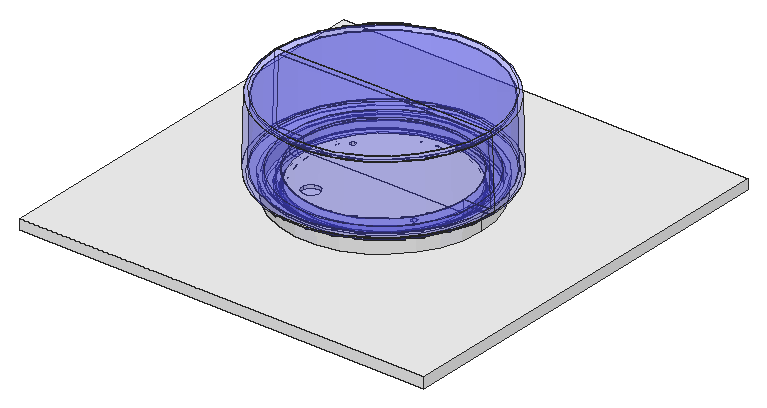
Revit family "BE_12150_de_DE", category Leuchten, Revit 2020
Family settings
  Basisbauteil = Fläche
  Bemaßung runder Anschluss = Durchmesser verwenden
  Teiletyp = Normal
  Beim Laden mit Abzugskörper schneiden = Ja
  Lichtquelle = Ja
  Gemeinsam genutzt = Nein
  Raumberechnungspunkt = Ja
Parameters (values of type "BEGA_12150_K3")
  built-in parameter 1150104 = 15.302 (stored number, unit not read)
  Wattage = 6.8 W
  Default Elevation = 0 mm
  built-in parameter 1150113 = 1 (stored number, unit not read)
  built-in parameter 1114218 = 1 (stored number, unit not read)
  Umgebungstemperatur = "25 °C"
  URL = "http://www.bega.de/de/produkt/12150"
  Typenkommentare = "© 2022 BEGA. Wir behalten uns das Recht vor, technische Änderungen ohne vorherige Ankündigung vorzunehmen."  # constant formula
  built-in parameter 1150134 = 12
  built-in parameter 1150109 = 1 (stored number, unit not read)
  Strom = ""
  built-in parameter 1150110 = 1 (stored number, unit not read)
  Spannung = 239.996 V
  Sonderanfertigung = no
  Seriennummer [instance] = "Hier können Sie die eindeutige Seriennummer für das Facility Management eintragen."
  Schutzklasse = "I"
  Schutzart = "IP 44"
  Scheinlast = 0 VA
  Produktdatenblatt = "http://www.bega.de/download/Xrfa/db/12150.db.de.pdf"
  Oberflächentemperatur = ""
  Neigungswinkel = 0.00°
  Model = "12150K4"
  Material_17 = BEGA_Reflektor
  Material_15 = BEGA_Leuchtmedium_matt
  Material_11 = BEGA_Glas_opal
  Material_09 = BEGA_Glas_klar
  Material_06 = BEGA_Oberfläche_Edelstahl_gebürstet
  Material_05 = BEGA_Oberfläche_Aluminium Guss
  Material_03 = BEGA_Oberfläche_Weiss_matt
  Material_02 = BEGA_Oberfläche_Silber_matt
  Material_01 [instance] = BEGA_Oberfläche_Grafit_matt
  M_W = no
  M_G = no
  M_A = no
  Logo = 0
  built-in parameter 1114217 = 1 (stored number, unit not read)
  built-in parameter 1150139 = (empty or 0)
  built-in parameter 1150105 = 233.27 (stored number, unit not read)
  built-in parameter 1150114 = 1 (stored number, unit not read)
  Lumens = 1120.03 lm
  built-in parameter 1150115 = 1 (stored number, unit not read)
  Leuchtenlichtstrom = "888 lm"
  Leuchtenanzahl = ""
  Lebensdauerkriterien = "L70B50 @ 25 °C = 500000 h"
  Lastklassifizierung = Beleuchtung
  built-in parameter 1150112 = 1 (stored number, unit not read)
  Lampenlichtstrom = "1170 lm"
  Lampe = "LED 6.7 W"
  LED_Modulbezeichnung = "LED-0521/940"
  Hersteller = "BEGA"  # constant formula
  Halbstreuwinkel = ""
  Gewicht = "1.4 kg"
  Gebrauchslageneinschränkung [instance] = ""
  Frequenz = "50-60 Hz"
  Farbwiedergabeindex = "CRI > 90"
  Farbtemperaturverschiebung bei Dämpfen der Lampe = <Keine Auswahl>
  Farbtemperatur = "4000 K"
  Color Filter = 16777215
  built-in parameter 1150133 = 10 (stored number, unit not read)
  Energieeffizienzklasse = "LED A++ - A"
  built-in parameter 1150137 = (empty or 0)
  built-in parameter 1150132 = (empty or 0)
  ENEC = ""
  Dimmbar [instance] = ""
  Photometric Web File = "BE_12150K4.IES"
  CE_Konformität = "ja"
  Bestellnummer = "12150K4"
  Beschreibung_Sonderanfertigung = "Hier können Sie Informationen zur Sonderanfertigung eintragen."
  Beschreibung = "Decken- und Wandleuchte"
  built-in parameter 1150106 = 2.3327 (stored number, unit not read)
  Befestigungsbohrung = "Ø 5,5 mm"
  Befestigungsabstand = "130 mm"
  Ballwurfsicher = ""
  BEGA_Intern_aus = yes
  BEGA_Intern_an = yes
  BEGA_Intern_Konstruktion = yes
  BEGA_Intern = yes
  BEGA_IES = yes
  BEGA_Dummy = no
  Anschlussleitung = ""
  Anschlussleistung [instance] = "8.4 W"
  Anschlusskasten = ""
  built-in parameter 1150107 = 4000 (stored number, unit not read)
  built-in parameter 1150102 = (empty or 0)
  built-in parameter 1150138 = (empty or 0)
  Aktualisierung = "2019-07-05T04:00:16"
  Abstand_zur_angestrahlten_Fläche [instance] = ""
  AC/DC = "AC"
Types (2, lengths in mm): name | built-in parameter 1150104 | built-in parameter 1150134 | Model | built-in parameter 1150105 | Lumens | Leuchtenlichtstrom | Lampenlichtstrom | LED_Modulbezeichnung | Farbtemperatur | Photometric Web File | Bestellnummer | built-in parameter 1150106 | built-in parameter 1150107
  BEGA_12150_K3 | 14.824 (stored number, unit not read) | (empty or 0) | "12150K3" | 86.342 (stored number, unit not read) | 1085.01 lm | "839 lm" | "1105 lm" | "LED-0521/930" | "3000 K" | "BE_12150K3.IES" | "12150K3" | 0.86342 (stored number, unit not read) | 3000 (stored number, unit not read)
  BEGA_12150_K27 | 15.302 (stored number, unit not read) | 12 | "12150K27" | 233.27 (stored number, unit not read) | 1120.03 lm | "827 lm" | "1090 lm" | "LED-0521/927" | "2700 K" | "BE_12150K27.IES" | "12150K27" | 2.3327 (stored number, unit not read) | 4000 (stored number, unit not read)
Reference planes
  plane 1 "Mitte (Vorne/Hinten)": y = 0
  plane 2: z = 0
  plane 3 "Mitte (Links/Rechts)": x = 0
  plane 4 "Links": x = -109.91
  plane 5 "Rechts": x = 109.91
  plane 6 "Unten": y = -109.9
  plane 7 "Oben": y = 109.9
  plane 8 "Vorne": z = 97.54
  plane 9 "Hinten": z = 0
Forms (mm)
  Extrusion 1, solid, material "BEGA_Platte_Weiss"
    sketch origin (0, -1119.2, 0) x (1, 0, 0) y (0, 1, 0)
      loop
        line (-200, 1319.2) -> (-200, 919.2) -> (200, 919.2) -> (200, 1319.2) -> (-200, 1319.2)
    from 0 to -10
  Extrusion 2, solid, material "BEGA_Dummy_matt", visible <- "BEGA_Dummy"
    sketch origin (77.149, -76.023, 0) x (1, 0, 0) y (0, 1, 0)
      loop
        circle (-77.149, 76.023) r 110
    from 0 to 97.54
Dimensions and locks
  plane 1 "Mitte (Vorne/Hinten)" to Extrusion 1 = 200 mm
  aligned and locked: plane 2 to Extrusion 1
  aligned and locked: level to Extrusion 1
Nested families
  nested 1: "BE_12150" at (0, 0, 0), type "BE_12150"
Connectors
  electrical at (0, 0, 0), driven by "Lastklassifizierung", driven by "Spannung", driven by "Scheinlast"
    settings: index 1, voltage 239.996 V, apparent load 0 VA, apparent load phase1 0 VA, apparent load phase2 0 VA, apparent load phase3 0 VA, power factor 1, load classification "Beleuchtung", number of poles 1, system type 31, power factor state 1, is connector primary yes, connector utility no, sub classification motor no, connector description ""
Definition of nested family "BE_12150"
  Parameters (values of type "BE_12150")
    Default Elevation = 1 mm
    URL = "http://www.bega.de/de/produkt"
    Type Comments = "© 2015 BEGA. Wir behalten uns das Recht vor, technische Änderungen ohne vorherige Ankündigung vorzunehmen. "  # constant formula
    Type Image = (empty or 0)
    Neigungswinkel_um_Z2 = 0.00°
    Neigungswinkel_um_Z1 = 0.00°
    Neigungswinkel_um_Y2 = 0.00°
    Neigungswinkel_um_Y1 = 0.00°
    Neigungswinkel_um_X2 = 0.00°
    Neigungswinkel_um_X1 = 0.00°
    Material_17 = none
    Material_15 = none
    Material_11 = none
    Material_09 = none
    Material_06 = none
    Material_05 = none
    Material_03 = none
    Material_02 = none
    Material_01 = none
    M_W = yes
    M_G = yes
    M_A = yes
    Länge_Platte = 350 mm  # constant formula
    Höhe_Platte = -10 mm  # constant formula
    Manufacturer = "BEGA"  # constant formula
    Drehwinkel_um_Z2 = 0.00°
    Drehwinkel_um_Z1 = 0.00°
    Breite_Platte = 350 mm  # constant formula
  Reference planes
    plane 1 "Mitte (Oben/Unten)": y = 0
    plane 2: z = 0
    plane 3 "Mitte (Links/Rechts)": x = 0
    plane 4: x = -109.91
    plane 5: z = 97.54
    plane 6: x = 109.91
    plane 7: y = -109.9
    plane 8: y = 109.9
  Forms (mm)
    Extrusion 1, solid, detail levels medium
      sketch origin (0, 0, 0) x (1, 0, 0) y (0, 1, 0)
        loop
          line (-175, 175) -> (-175, -175) -> (175, -175) -> (175, 175) -> (-175, 175)
      from 0 to -10 <- "Höhe_Platte"
    Revolve 2, solid, material <- "Material_03", detail levels medium+fine
      sketch origin (0, 0, 0) x (1, 0, 0) y (0, 0, 1)
        loop
          line (-98.25, 22.5) -> (-98.25, 20.5) -> (-97.082, 20.5) -> (-96.54, 5) -> (-78.827, 5)
          arc (-78.827, 5) -> (-76.742, 5.843) -> (-75.829, 7.899) r 3
          line (-75.829, 7.899) -> (-75.787, 9.101)
          arc (-75.787, 9.101) -> (-74.874, 11.157) -> (-72.789, 12) r 3
          line (-72.789, 12) -> (0, 12) -> (0, 14.5) -> (-78, 14.5) -> (-78.194, 8.947)
          arc (-78.194, 8.947) -> (-78.651, 7.921) -> (-79.693, 7.5) r 1.5
          line (-79.693, 7.5) -> (-92.778, 7.5)
          arc (-92.778, 7.5) -> (-93.82, 7.922) -> (-94.277, 8.95) r 1.5
          line (-94.277, 8.95) -> (-94.75, 22.5) -> (-98.25, 22.5)
        axis (0, 5) -> (0, 22.5)
      angle from 0 to 360
    Revolve 3, solid, material <- "Material_03", detail levels medium+fine
      sketch origin (0, 85, 0) x (-1, 0, 0) y (0, 0, 1)
        loop
          line (-2.811, 4.164) -> (-2.468, 2.099)
          arc (-2.468, 2.099) -> (-1.62, 0.596) -> (0, 0) r 2.5
          line (0, 0) -> (0, 6.055) -> (-3.797, 6.055) -> (-3.797, 5)
          arc (-3.797, 5) -> (-3.151, 4.763) -> (-2.811, 4.164) r 1
        axis (0, 6.055) -> (0, 0)
      angle from 0 to 360
    Revolve 4, solid, material <- "Material_03", detail levels medium+fine
      sketch origin (73.612, -42.5, 0) x (0.5, 0.866025, 0) y (0, 0, 1)
        loop
          line (-2.811, 4.164) -> (-2.468, 2.099)
          arc (-2.468, 2.099) -> (-1.62, 0.596) -> (0, 0) r 2.5
          line (0, 0) -> (0, 6.055) -> (-3.797, 6.055) -> (-3.797, 5)
          arc (-3.797, 5) -> (-3.151, 4.763) -> (-2.811, 4.164) r 1
        axis (0, 6.055) -> (0, 0)
      angle from 0 to 360
    Revolve 5, solid, material <- "Material_03", detail levels medium+fine
      sketch origin (-73.612, -42.5, 0) x (0.5, -0.866025, 0) y (0, 0, 1)
        loop
          line (-2.811, 4.164) -> (-2.468, 2.099)
          arc (-2.468, 2.099) -> (-1.62, 0.596) -> (0, 0) r 2.5
          line (0, 0) -> (0, 6.055) -> (-3.797, 6.055) -> (-3.797, 5)
          arc (-3.797, 5) -> (-3.151, 4.763) -> (-2.811, 4.164) r 1
        axis (0, 6.055) -> (0, 0)
      angle from 0 to 360
    Extrusion 6, void
      sketch origin (0, 0, 0) x (1, 0, 0) y (0, 1, 0)
        loop
          circle (-36, -45) r 8.475
        loop
          circle (-56.292, 32.5) r 2.75
        loop
          circle (56.292, -32.5) r 2.75
      from 3 to 15.824
    Revolve 7, solid, material <- "Material_11", detail levels medium+fine
      sketch origin (0, 0, 0) x (1, 0, 0) y (0, 0, 1)
        loop
          arc (-80, 10.04) -> (-79.293, 10.333) -> (-79, 11.04) r 1
          line (-79, 11.04) -> (-79, 26.04)
          arc (-79, 26.04) -> (-79.293, 26.747) -> (-80, 27.04) r 1
          line (-80, 27.04) -> (-92.436, 27.04) -> (-104.384, 27.381)
          arc (-104.384, 27.381) -> (-105.083, 27.692) -> (-105.358, 28.407) r 1
          line (-105.358, 28.407) -> (-103.726, 90.716)
          arc (-103.726, 90.716) -> (-103.432, 91.393) -> (-102.753, 91.683) r 1
          arc (-102.753, 91.683) -> (-51.381, 92.701) -> (0, 93.04) r 3890.638
          line (0, 93.04) -> (0, 97.54)
          arc (0, 97.54) -> (-52.388, 97.188) -> (-104.767, 96.131) r 3895.139
          arc (-104.767, 96.131) -> (-107.149, 95.106) -> (-108.175, 92.724) r 3.5
          line (-108.175, 92.724) -> (-109.908, 26.543)
          arc (-109.908, 26.543) -> (-108.957, 24.038) -> (-106.512, 22.94) r 3.5
          line (-106.512, 22.94) -> (-92.5, 22.54) -> (-83.5, 22.54) -> (-83.5, 15.54)
          arc (-83.5, 15.54) -> (-83.793, 14.833) -> (-84.5, 14.54) r 1
          arc (-84.5, 14.54) -> (-85.207, 14.247) -> (-85.5, 13.54) r 1
          line (-85.5, 13.54) -> (-85.5, 9.54) -> (-81, 9.54)
          arc (-81, 9.54) -> (-80.634, 9.906) -> (-80.134, 10.04) r 1
        axis (0, 97.54) -> (0, 9.54)
      angle from 0 to 360
  Cuts and joins
    Extrusion 6 cuts Revolve 2
    Extrusion 6 cuts Revolve 3
    Extrusion 6 cuts Revolve 4
    Extrusion 6 cuts Revolve 5
    joined: Revolve 2, Revolve 3, Revolve 4, Revolve 5
  Dimensions and locks
    equal spacing: Extrusion 1 sketch curve, plane 3 "Mitte (Links/Rechts)", Extrusion 1 sketch curve
    equal spacing: Extrusion 1 sketch curve, plane 1 "Mitte (Oben/Unten)", Extrusion 1 sketch curve
    "Länge_Platte": Extrusion 1 sketch curve to Extrusion 1 sketch curve
    "Breite_Platte": Extrusion 1 sketch curve to Extrusion 1 sketch curve
    aligned and locked: plane 2 to Extrusion 1
    aligned and locked: level to Extrusion 1
  Automatic sketch dimensions
    Revolve 2 sketch curve to plane 3 "Mitte (Links/Rechts)" = 0 mm  (x2)
    level to Revolve 2 sketch curve = 9 mm
    Revolve 2 sketch curve to plane 3 "Mitte (Links/Rechts)" = 72.789 mm
    level to Revolve 2 sketch curve = 9.101 mm
    Revolve 2 sketch curve to Revolve 2 sketch curve = 2.998 mm
    level to Revolve 2 sketch curve = 7.899 mm
    Revolve 2 sketch curve to Revolve 2 sketch curve = 0.042 mm
    level to Revolve 2 sketch curve = 14.5 mm
    Revolve 2 sketch curve to Revolve 2 sketch curve = 2.213 mm
    Revolve 2 sketch curve to Revolve 2 sketch curve = 2.407 mm
    Revolve 2 sketch curve to Revolve 2 sketch curve = 0.633 mm
    Revolve 2 sketch curve to Revolve 2 sketch curve = 0.866 mm  (x2)
    Revolve 2 sketch curve to Revolve 2 sketch curve = 13.085 mm
    level to Revolve 2 sketch curve = 8.95 mm
    Revolve 2 sketch curve to Revolve 2 sketch curve = 1.499 mm
    Revolve 2 sketch curve to Revolve 2 sketch curve = 0.473 mm
    Revolve 2 sketch curve to Revolve 2 sketch curve = 2.332 mm
    Revolve 2 sketch curve to Revolve 2 sketch curve = 1.168 mm
    Revolve 2 sketch curve to Revolve 2 sketch curve = 0.947 mm
    Revolve 2 sketch curve to Revolve 2 sketch curve = 1 mm
    Revolve 2 sketch curve to Revolve 2 sketch curve = 0.05 mm
    Revolve 2 sketch curve to Revolve 2 sketch curve = 2.5 mm
    Revolve 2 sketch curve to Revolve 2 sketch curve = 11.55 mm
    Revolve 2 sketch curve to Revolve 2 sketch curve = 2 mm
    Revolve 2 sketch curve to Revolve 2 sketch curve = 0 mm  (x10)
    Revolve 2 sketch curve to Revolve 2 sketch curve = 3.763 mm
    level to Revolve 2 sketch curve = 5 mm
    Revolve 2 sketch curve to Revolve 2 sketch curve = 5.135 mm
    Extrusion 6 sketch curve to plane 3 "Mitte (Links/Rechts)" = 36 mm
    plane 1 "Mitte (Oben/Unten)" to Extrusion 6 sketch curve = 45 mm
    Revolve 7 sketch curve to plane 3 "Mitte (Links/Rechts)" = 0 mm  (x3)
    Revolve 7 sketch curve to Revolve 7 sketch curve = 0.003 mm  (x2)
    level to Revolve 7 sketch curve = 11.04 mm
    Revolve 7 sketch curve to plane 3 "Mitte (Links/Rechts)" = 79 mm
    Revolve 7 sketch curve to Revolve 7 sketch curve = 1 mm  (x7)
    Revolve 7 sketch curve to Revolve 7 sketch curve = 0.134 mm  (x2)
    Revolve 7 sketch curve to Revolve 7 sketch curve = 0.866 mm
    Revolve 7 sketch curve to Revolve 7 sketch curve = 3.5 mm  (x2)
    Revolve 7 sketch curve to Revolve 7 sketch curve = 8.936 mm
    Revolve 7 sketch curve to Revolve 7 sketch curve = 0.064 mm
    Revolve 7 sketch curve to Revolve 7 sketch curve = 10.291 mm
    Revolve 7 sketch curve to Revolve 7 sketch curve = 0.999 mm
    Revolve 7 sketch curve to Revolve 7 sketch curve = 11.923 mm
    level to Revolve 7 sketch curve = 27.381 mm
    Revolve 7 sketch curve to Revolve 7 sketch curve = 0.025 mm
    Revolve 7 sketch curve to Revolve 7 sketch curve = 0.947 mm
    Revolve 7 sketch curve to Revolve 7 sketch curve = 2.026 mm
    level to Revolve 7 sketch curve = 22.94 mm
    Revolve 7 sketch curve to Revolve 7 sketch curve = 0.102 mm
    level to Revolve 7 sketch curve = 26.543 mm
    Revolve 7 sketch curve to Revolve 7 sketch curve = 3.498 mm
    Revolve 7 sketch curve to Revolve 7 sketch curve = 0.5 mm  (x2)
    Revolve 7 sketch curve to level = 3797.598 mm
    Revolve 7 sketch curve to Revolve 7 sketch curve = 0.001 mm
    Revolve 7 sketch curve to Revolve 7 sketch curve = 4 mm
    Revolve 7 sketch curve to Revolve 7 sketch curve = 7 mm
    Revolve 7 sketch curve to Revolve 7 sketch curve = 62.302 mm
    Revolve 7 sketch curve to Revolve 7 sketch curve = 0.033 mm
    Revolve 7 sketch curve to Revolve 7 sketch curve = 1.916 mm
    level to Revolve 7 sketch curve = 93.04 mm
    Revolve 7 sketch curve to Revolve 7 sketch curve = 4.5 mm
    Revolve 7 sketch curve to Revolve 7 sketch curve = 0 mm  (x8)
    level to Revolve 7 sketch curve = 28.407 mm
    Revolve 7 sketch curve to Revolve 7 sketch curve = 3.499 mm
    Revolve 7 sketch curve to Revolve 7 sketch curve = 10.5 mm
    Revolve 3 sketch curve to level = 0 mm  (x2)
    Revolve 3 sketch curve to plane 3 "Mitte (Links/Rechts)" = 0 mm  (x2)
    plane 3 "Mitte (Links/Rechts)" to Revolve 3 sketch curve = 2.468 mm
    Revolve 3 sketch curve to Revolve 3 sketch curve = 1.33 mm
    Revolve 3 sketch curve to Revolve 3 sketch curve = 0 mm  (x4)
    level to Revolve 3 sketch curve = 2.099 mm
    Revolve 3 sketch curve to Revolve 3 sketch curve = 1.901 mm
    Revolve 3 sketch curve to Revolve 3 sketch curve = 1 mm
    Revolve 3 sketch curve to Revolve 3 sketch curve = 1.055 mm
    Revolve 3 sketch curve to Revolve 3 sketch curve = 0.986 mm
    Revolve 4 sketch curve to level = 0 mm  (x2)
    level to Revolve 4 sketch curve = 6.055 mm
    Revolve 4 sketch curve to Revolve 4 sketch curve = 0 mm  (x4)
    level to Revolve 4 sketch curve = 2.099 mm
    Revolve 4 sketch curve to Revolve 4 sketch curve = 1.33 mm
    Revolve 4 sketch curve to Revolve 4 sketch curve = 2.468 mm
    Revolve 4 sketch curve to Revolve 4 sketch curve = 2.055 mm
    Revolve 4 sketch curve to Revolve 4 sketch curve = 1 mm
    Revolve 4 sketch curve to Revolve 4 sketch curve = 0.986 mm
    level to Revolve 4 sketch curve = 4.164 mm
    Revolve 5 sketch curve to level = 0 mm  (x2)
    level to Revolve 5 sketch curve = 6.055 mm
    Revolve 5 sketch curve to Revolve 5 sketch curve = 0 mm  (x4)
    level to Revolve 5 sketch curve = 2.099 mm
    Revolve 5 sketch curve to Revolve 5 sketch curve = 1.33 mm
    Revolve 5 sketch curve to Revolve 5 sketch curve = 2.468 mm
    Revolve 5 sketch curve to Revolve 5 sketch curve = 2.055 mm
    Revolve 5 sketch curve to Revolve 5 sketch curve = 1 mm
    Revolve 5 sketch curve to Revolve 5 sketch curve = 0.986 mm
    level to Revolve 5 sketch curve = 4.164 mm
    radius of Extrusion 6 sketch curve = 8.475 mm
